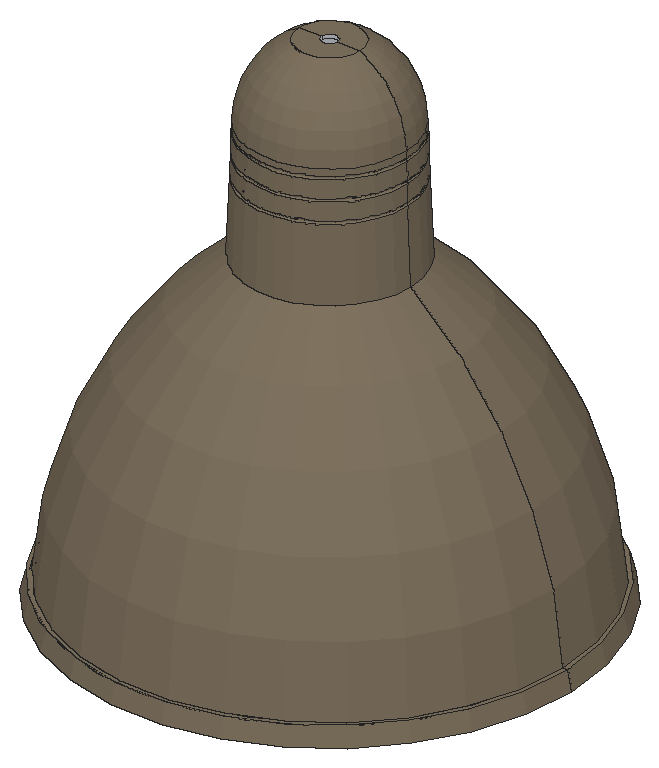
Revit family "HV16 SHADE", category Lighting Fixtures, Revit 2024
Family settings
  Round Connector Dimension = Use Diameter
  Part Type = Normal
  OmniClass Number = 23.80.70.00
  OmniClass Title = Lighting
  Work Plane-Based = No
  Always vertical = Yes
  Cut with Voids When Loaded = No
  Light Source = Yes
  Maintain Annotation Orientation = No
  Shared = No
  Room Calculation Point = No
Parameters
  Wattage = 12.1178 W
  built-in parameter 1150110 = 1 (stored number, unit not read)
  built-in parameter 1114217 = 1 (stored number, unit not read)
  built-in parameter 1150109 = 1 (stored number, unit not read)
  built-in parameter 1150134 = (empty or 0)
  built-in parameter 1150113 = 1 (stored number, unit not read)
  Lumens = 1800 lm
  built-in parameter 1150115 = 1 (stored number, unit not read)
  built-in parameter 1150105 = 572.96 (stored number, unit not read)
  Light Source Symbol Size = 2' - 0"
  built-in parameter 1150137 = (empty or 0)
  built-in parameter 1150139 = (empty or 0)
  built-in parameter 1150112 = 1 (stored number, unit not read)
  built-in parameter 1150114 = 1 (stored number, unit not read)
  built-in parameter 1150132 = 2
  built-in parameter 1150102 = (empty or 0)
  built-in parameter 1150138 = (empty or 0)
  built-in parameter 1150107 = 3000 (stored number, unit not read)
  built-in parameter 1150106 = 5.7296 (stored number, unit not read)
  built-in parameter 1150104 = 13.8 (stored number, unit not read)
  Dimming Lamp Color Temperature Shift = (empty or 0)
  Default Elevation = 0' - 0"
  Color Filter = 16777215
  built-in parameter 1114218 = 1 (stored number, unit not read)
  built-in parameter 1150133 = 10 (stored number, unit not read)
Reference planes (in)
  plane 1 "Light Source Axis (F/B)": y = 0
  plane 2: z = 0
  plane 3 "Light Source Axis (L/R)": x = 0
  plane 4 "Light Source Elevation": z = 54
Forms (in)
  Revolve 1, solid
    sketch origin (0, 0, 0) x (1, 0, 0) y (0, 0, 1)
      loop
        line (-0.25, 70.5) -> (-1, 70.5)
        arc (-1, 70.5) -> (-2.11954, 69.51299) -> (-2.53647, 68.07991) r 2.67658
        line (-2.53647, 68.07991) -> (-2.54286, 67.85863)
        arc (-2.54286, 67.85863) -> (-2.49788, 67.80998) -> (-2.54743, 67.76601) r 0.04638
        line (-2.54743, 67.76601) -> (-2.5654, 67.20863)
        arc (-2.5654, 67.20863) -> (-2.52058, 67.15991) -> (-2.57013, 67.11601) r 0.04638
        line (-2.57013, 67.11601) -> (-2.5881, 66.55863)
        arc (-2.5881, 66.55863) -> (-2.54328, 66.50991) -> (-2.59283, 66.46601) r 0.04638
        line (-2.59283, 66.46601) -> (-2.675, 64.11298)
        arc (-2.675, 64.11298) -> (-6.24936, 59.91739) -> (-7.7, 54.6) r 12.64843
        line (-7.7, 54.6) -> (-7.85, 54.6) -> (-8, 54) -> (-7.90336, 54) -> (-7.7768, 54.50625) -> (-7.61021, 54.50625)
        arc (-7.61021, 54.50625) -> (-6.17691, 59.85379) -> (-2.58287, 64.06491) r 12.55468
        line (-2.58287, 64.06491) -> (-2.5012, 66.40354)
        arc (-2.5012, 66.40354) -> (-2.44959, 66.50649) -> (-2.49254, 66.61335) r 0.14013
        line (-2.49254, 66.61335) -> (-2.47834, 67.05367)
        arc (-2.47834, 67.05367) -> (-2.42688, 67.15659) -> (-2.46984, 67.26335) r 0.14013
        line (-2.46984, 67.26335) -> (-2.45564, 67.70367)
        arc (-2.45564, 67.70367) -> (-2.40417, 67.80683) -> (-2.44748, 67.91367) r 0.14013
        line (-2.44748, 67.91367) -> (-2.44272, 68.07854)
        arc (-2.44272, 68.07854) -> (-2.04629, 69.4534) -> (-0.97884, 70.40625) r 2.58283
        line (-0.97884, 70.40625) -> (-0.25, 70.40625) -> (-0.25, 70.5)
      axis (0, 70.5) -> (0, 54)
    angle from 0 to 360
Dimensions and locks (in)
  aligned and locked: plane 3 "Light Source Axis (L/R)" to imposter light
  aligned and locked: plane 1 "Light Source Axis (F/B)" to imposter light
  aligned and locked: plane 4 "Light Source Elevation" to imposter light
  aligned and locked: level to plane 2
